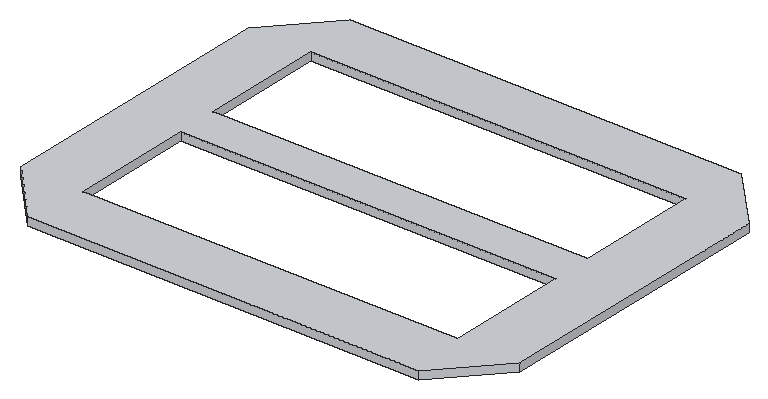
Revit family "Domotics-DomesticRanges-GEWISS-CHORUS_PLATES_SUPPORT_DOUBLE", category Apparecchi elettrici, Revit 2016
Family settings
  Mantenere orientamento annotazione = Sì
  Tipo di parte = Normale
  Quota connettore circolare = Usa diametro
  Basato su piano di lavoro = Sì
  Sempre verticale = Sì
  Taglio con vuoti quando caricato = No
  Condiviso = No
  Punto di calcolo locali = No
Parameters (values of type "GW16812 - 6+6P")
  Version file RFA = "18.0"
  URL = "https://www.gewiss.com/ww/en"
  Thermo-pressure with ball = "70 °C"
  Technical sheet = "https://www.gewiss.com/ww/en/search?q=GW16812"
  Standard; = "EN 60669-1"
  SEO = "Support"
  Realized by GEWISS S.p.A. = ""
  Produttore = "GEWISS S.p.A."
  Modello = "GW16812"
  Immagine tipo = GW16812.jpg
  Larghezza supporto = 184 mm
  Larghezza foro = 138 mm
  Default Elevation = 1219.2 mm
  Materiale supporto = GEWISS - ACCIAIO SUPPORTO
  IDT = "60e3146f-c8da-42a8-b8a7-65fd8c53e3a3"
  IDF = "bda46bbc-e72c-478e-a126-6b411c62c67b"
  Glow wire test: = "650 °C"
  For box = "12 modules"
  Fixing = "4 screws (included)"
  Electrocod = "0121                "
  EAN code = "8011564274822"
  Descrizione = "SUPPORT, ITALIAN STANDARD, 12-GANG"
  Description: = "6+6 gang"
  Characteristics = "Halogen free"
  Catalogue Range = "CHORUS - Special plates"
  Catalogue = "DOMOTICS"
  COBie.Tagnumber = ""
  COBie.CreatedOn = ""
  COBie.CreatebBy = ""
  COBie.ComponentRegisterItemID = ""
  COBie.Component.TagNumber = ""
  COBie.Component.Space = ""
  COBie.Component.SerialNumber = ""
  COBie.Component.InstallationDate = ""
  COBie.Component.Description = ""
  COBie.Component.BarCode = ""
  Altezza supporto = 148 mm
  Altezza foro = 45 mm
Types (2, lengths in mm): name | Technical sheet | Modello | Immagine tipo | Larghezza supporto | Larghezza foro | IDT | For box | EAN code | Descrizione | Description:
  GW16808 - 4+4P | "https://www.gewiss.com/ww/en/search?q=GW16808" | "GW16808" | GW16808.jpg | 133 | 92 | "f017419f-4964-46e5-a3d9-51a38655011b" | "8 modules" | "8011564274815" | "SUPPORT, ITALIAN STANDARD, 8-GANG" | "4+4 gang"
  GW16812 - 6+6P | "https://www.gewiss.com/ww/en/search?q=GW16812" | "GW16812" | GW16812.jpg | 184 | 138 | "60e3146f-c8da-42a8-b8a7-65fd8c53e3a3" | "12 modules" | "8011564274822" | "SUPPORT, ITALIAN STANDARD, 12-GANG" | "6+6 gang"
Reference planes
  plane 1 "Centro (Fronte/Retro)": y = 0
  plane 2: z = 0
  plane 3 "Centro (Sinistra/Destra)": x = 0
  plane 4: z = 3
  plane 5: y = 52.5
  plane 6: y = -52.5
  plane 7: x = 92
  plane 8: x = -92
  plane 9: y = 74
  plane 10: y = -74
  plane 11: x = -69
  plane 12: x = 69
  plane 13: y = -7.5
  plane 14: y = 7.5
Forms (mm)
  Extrusion 1, solid
    sketch origin (0, 0, 0) x (1, 0, 0) y (0, 1, 0)
      loop
        line (-92, 52.5) -> (-92, -52.5) -> (-72, -74) -> (72, -74) -> (92, -52.5) -> (92, 52.5) -> (72, 74) -> (-72, 74) -> (-92, 52.5)
      loop
        line (-69, 52.5) -> (-69, 7.5) -> (69, 7.5) -> (69, 52.5) -> (-69, 52.5)
      loop
        line (-69, -7.5) -> (-69, -52.5) -> (69, -52.5) -> (69, -7.5) -> (-69, -7.5)
    from 0 to 3
Dimensions and locks
  locked: plane 4 to plane 2 at 3
  "Larghezza foro": plane 11 to plane 12
  equal spacing: plane 11, plane 3 "Centro (Sinistra/Destra)", plane 12
  "Larghezza supporto": plane 8 to plane 7
  equal spacing: plane 8, plane 3 "Centro (Sinistra/Destra)", plane 7
  "Altezza supporto": plane 9 to plane 10
  equal spacing: plane 9, plane 1 "Centro (Fronte/Retro)", plane 10
  locked: plane 14 to plane 13 at 15
  equal spacing: plane 14, plane 1 "Centro (Fronte/Retro)", plane 13
  "Altezza foro": plane 5 to plane 14
  "Altezza foro": plane 13 to plane 6
  aligned and locked: level to plane 2
  aligned and locked: Extrusion 1 sketch curve to plane 9
  aligned and locked: plane 10 to Extrusion 1 sketch curve
  aligned and locked: plane 8 to Extrusion 1 sketch curve
  aligned and locked: Extrusion 1 sketch curve to plane 5
  aligned and locked: plane 11 to Extrusion 1 sketch curve  (x2)
  aligned and locked: Extrusion 1 sketch curve to plane 12  (x2)
  aligned and locked: plane 4 to Extrusion 1
  aligned and locked: Extrusion 1 to plane 8
  aligned and locked: plane 7 to Extrusion 1
  aligned and locked: plane 14 to Extrusion 1 sketch curve
  aligned and locked: Extrusion 1 sketch curve to plane 13
  aligned and locked: plane 6 to Extrusion 1 sketch curve
Automatic sketch dimensions
  Extrusion 1 sketch curve to plane 5 = 0 mm  (x2)
  Extrusion 1 sketch curve to plane 6 = 0 mm  (x2)
  Extrusion 1 sketch curve to plane 7 = 0 mm
  Extrusion 1 sketch curve to plane 11 = 3 mm  (x2)
  plane 12 to Extrusion 1 sketch curve = 3 mm  (x2)
